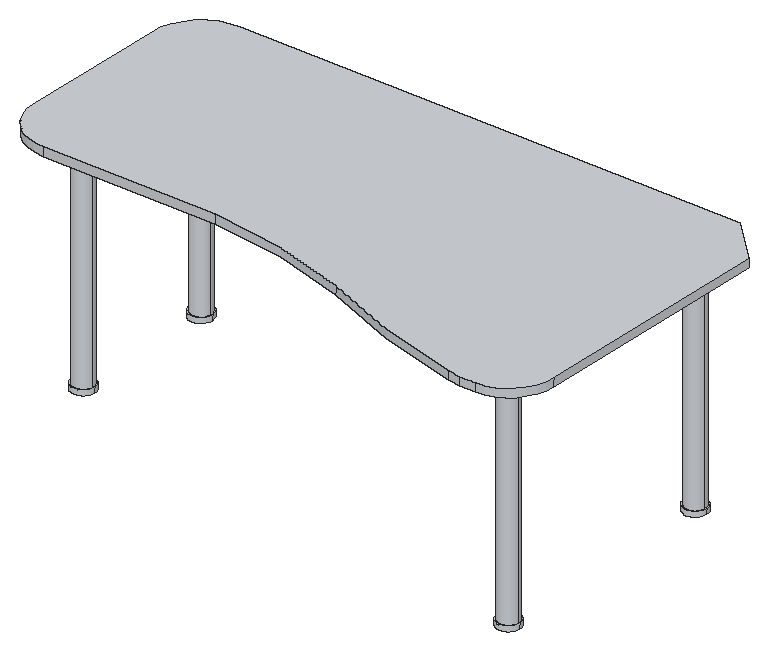
Revit family
Parameters (values of type "1800 x 1010")
  Table Material = none
  Model = "Corner table"
  Manufacturer = "Revit"
  Leg Material = none
  Description = "Desk"
  Assembly Code = "E2020200"
Reference planes
  plane 1 "Center (Front/Back)": y = 0
  plane 2: z = 0
  plane 3 "Center (Left/Right)": x = 0
  plane 4: y = -209.149
  plane 5: y = 242.952
  plane 6: y = -469.892
  plane 7: x = 733.62
  plane 8: x = -774.43
Forms (mm)
  Extrusion 1, solid, material <- "Table Material"
    sketch origin (0, 0, 0) x (1, 0, 0) y (0, 1, 0)
      loop
        arc (-774.43, 391.901) -> (-879.754, 348.275) -> (-923.38, 242.952) r 148.95
        line (-923.38, 242.952) -> (-923.38, -209.149)
        arc (-923.38, -209.149) -> (-879.754, -314.473) -> (-774.43, -358.099) r 148.95
        line (-774.43, -358.099) -> (-253.279, -358.099)
        arc (-253.279, -358.099) -> (-27.368, -386.002) -> (191.243, -449.433) r 1428.583
        arc (191.243, -449.433) -> (420.096, -540.376) -> (657.97, -604.095) r 2114.459
        arc (657.97, -604.095) -> (677.481, -607.095) -> (697.196, -608.099) r 194.135
        line (697.196, -608.099) -> (743.206, -608.099)
        arc (743.206, -608.099) -> (837.544, -569.023) -> (876.62, -474.685) r 133.414
        line (876.62, -474.685) -> (876.62, 266.047) -> (750.766, 391.901) -> (-774.43, 391.901)
    from 700 to 725
Lines and regions (mm)
  symbolic lines
    curve 1: line (-774.43, -358.099, 0) -> (-253.279, -358.099, 0)
    curve 2: arc (-253.279, -358.099, 0) -> (-27.368, -386.002, 0) -> (191.243, -449.433, 0) r 1428.583
    curve 3: arc (191.243, -449.433, 0) -> (420.096, -540.376, 0) -> (657.97, -604.095, 0) r 2114.459
    curve 4: arc (657.97, -604.095, 0) -> (677.481, -607.095, 0) -> (697.196, -608.099, 0) r 194.135
    curve 5: line (697.196, -608.099, 0) -> (743.206, -608.099, 0)
    curve 6: arc (743.206, -608.099, 0) -> (837.544, -569.023, 0) -> (876.62, -474.685, 0) r 133.414
    curve 7: line (876.62, -474.685, 0) -> (876.62, 266.047, 0)
    curve 8: line (876.62, 266.047, 0) -> (750.766, 391.901, 0)
    curve 9: line (750.766, 391.901, 0) -> (-774.43, 391.901, 0)
    curve 10: arc (-774.43, 391.901, 0) -> (-879.754, 348.275, 0) -> (-923.38, 242.952, 0) r 148.95
    curve 11: line (-923.38, 242.952, 0) -> (-923.38, -209.149, 0)
    curve 12: arc (-923.38, -209.149, 0) -> (-879.754, -314.473, 0) -> (-774.43, -358.099, 0) r 148.95
Dimensions and locks
  aligned and locked: Extrusion 1 to nested 1
Nested families
  nested 1: "Leg" at (-774.43, -206.541, 0), type "Height 700mm"
  nested 2: "Leg" at (733.62, -469.892, 0) x (-1, 0, 0) z (0, 0, 1), type "Height 700mm"
  nested 3: "Leg" at (733.62, 242.952, 0) x (-1, 0, 0) z (0, 0, 1), type "Height 700mm"
  nested 4: "Leg" at (-774.43, 242.952, 0) x (-1, 0, 0) z (0, 0, 1), type "Height 700mm"
Definition of nested family "Leg"
  Parameters (values of type "Height 700mm")
    Model = "Abacus"
    Manufacturer = "LM"
    Leg Material = none
    Description = "Table Leg"
    Assembly Code = "E2020200"
  Reference planes
    plane 1 "Center (Front/Back)": y = 0
    plane 2: z = 0
    plane 3 "Center (Left/Right)": x = 0
  Forms (mm)
    Revolve 1, solid, material <- "Leg Material"
      sketch origin (0, 0, 0) x (1, 0, 0) y (0, 0, 1)
        loop
          line (0, 15) -> (0, 700) -> (-43, 700) -> (-33, 650) -> (-30, 650) -> (-30, 15) -> (0, 15)
        axis (0, 15) -> (0, 700)
      angle from 0 to 360
    Extrusion 2, solid, material <- "Leg Material"
      sketch origin (0, 0, 0) x (1, 0, 0) y (0, 1, 0)
        loop
          circle (0, 0) r 35
      from 0 to 15
  Dimensions and locks
    aligned and locked: plane 3 "Center (Left/Right)" to Revolve 1 sketch curve
    aligned and locked: Revolve 1 to Extrusion 2
